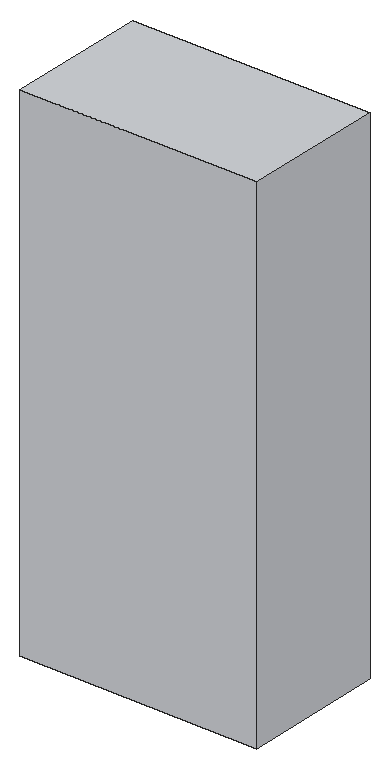
Revit family "PRD_FrankeWS_PwrSpplUnts_PowerSupply_ZAQUA007,ZAQUA094", category Electrical Equipment, Revit 2018
Family settings
  Round Connector Dimension = Use Diameter
  Part Type = Transformer
  OmniClass Number = 23.45.55.11
  OmniClass Title = Sanitary Components
  Work Plane-Based = No
  Always vertical = Yes
  Cut with Voids When Loaded = No
  Shared = No
  Room Calculation Point = No
Parameters (values of type "ZAQUA007 - with standardised European plug")
  WarrantyStartDate [instance] = "1900-12-31T23:59:59"
  WarrantyGuarantorParts = "n/a"
  WarrantyGuarantorLabor = "n/a"
  WarrantyDurationUnit = "year"
  WarrantyDurationParts = "n/a"
  WarrantyDurationLabor = "n/a"
  WarrantyDescription = "n/a"
  Voltage = "230"
  Version = "1"
  Uniclass2015Version = "Products v1.7"
  Uniclass2015Title = "Power supply products"
  Uniclass2015Code = "Pr_60_70"
  URL = "www.kwc.com"
  TagNumber [instance] = "n/a"
  SustainabilityPerformance = "n/a"
  Size = "90 x 43 x 25 mm"
  Shape = "n/a"
  SerialNumber [instance] = "n/a"
  SecondaryVoltage = 24 V
  SecondaryFrequency = 0 Hz
  SecondaryCurrentType = "DC"
  SecondaryCurrent = 0 A
  SecondaryApparentPower = 0 VA
  Revision = "n/a"
  ReplacementCost = "n/a"
  ProductInformation = "https://pim.kwc.com/product/2000100375/attachment/datasheet?locale=en"
  PrimaryVoltage = 230 V
  PrimaryFrequency = 50 Hz
  PrimaryCurrent = 0 A
  PrimaryApparentPower = 0 VA
  PowerSupplyMaterial = none
  NominalWidth = 90 mm
  NominalLength = 25 mm
  NominalHeight = 43 mm
  NetWeight = 0.236 kg
  Name = "Power supply ZAQUA007"
  NBSTypeID = "n/a"
  NBSReference = "90-70-05/390"
  NBSOfficeMasterTag = "n/a"
  NBSNote = "n/a"
  NBSDescription = "Power supply units"
  NBSCertification = "n/a"
  ModelReference = "ZAQUA007"
  ModelNumber = "2000100375"
  Model = ModelReference  # "ZAQUA007"
  MaximumApparentPower = 0 VA
  Material = "n/a"
  ManufacturerURL = "www.kwc.com"
  ManufacturerName = "KWC Group AG"  # constant formula
  Manufacturer = ManufacturerName  # "KWC Group AG"
  InstallationDate [instance] = "1900-12-31T23:59:59"
  IfcExportType = "NOTDEFINED"
  IfcExportAs = "IfcTransformerType"
  IP_Code = "IP68"
  GrossWeight = 0.305 kg
  Grade = "n/a"
  Finish = "n/a"
  Features = "n/a"
  ExpectedLife = "n/a"
  DurationUnit = "year"
  Description = "Power supply - A3000 open in waterproof housing for wall mounting for supplying power to AQUA 3000 open fitting, 230 V AC / 24 V DC, 12 W."
  Constituents = "n/a"
  Color = "n/a"
  CodePerformance = "n/a"
  Category = "Pr_60_70, Power supply products"
  BarCode [instance] = "n/a"
  BIMObjectName = "PRD_AR_PowerSupplyUnits_PowerSupply_ZAQUA007"
  Author = "Archispace"  # constant formula
  AssetType = "Fixed"
  AssetIdentifier [instance] = "n/a"
  AccessibilityPerformance = "n/a"
Types (2, lengths in mm): name | ProductInformation | NetWeight | Name | ModelReference | ModelNumber | Model | BIMObjectName
  ZAQUA007 - with standardised European plug | "https://pim.kwc.com/product/2000100375/attachment/datasheet?locale=en" | 0.236 kg | "Power supply ZAQUA007" | "ZAQUA007" | "2000100375" | "ZAQUA007" | "PRD_AR_PowerSupplyUnits_PowerSupply_ZAQUA007"
  ZAQUA094 - with ferrules | "https://pim.kwc.com/product/2000102691/attachment/datasheet?locale=en" | 0.275 kg | "Power supply ZAQUA094" | "ZAQUA094" | "2000102691" | "ZAQUA094" | "PRD_AR_PowerSupplyUnits_PowerSupply_ZAQUA094"
Reference planes
  plane 1 "Center (Front/Back)": y = 0
  plane 2: z = 0
  plane 3 "Center (Left/Right)": x = 0
Forms (mm)
  Extrusion 1, solid, material <- "PowerSupplyMaterial"
    sketch origin (0, 0, 0) x (1, 0, 0) y (0, 0, 1)
      loop
        line (-21, 0) -> (21, 0) -> (21, 90) -> (-21, 90) -> (-21, 0)
    from 0 to 25
Dimensions and locks
  aligned and locked: level to plane 2
Connectors
  electrical at (0, -12.5, 0)
    settings: on Extrusion 1, index 1, voltage 230 V, apparent load 0 VA, apparent load phase1 0 VA, apparent load phase2 0 VA, apparent load phase3 0 VA, power factor 1, load classification "Other", number of poles 1, system type 30, power factor state 1, is connector primary yes, connector utility no, sub classification motor no, connector description ""
